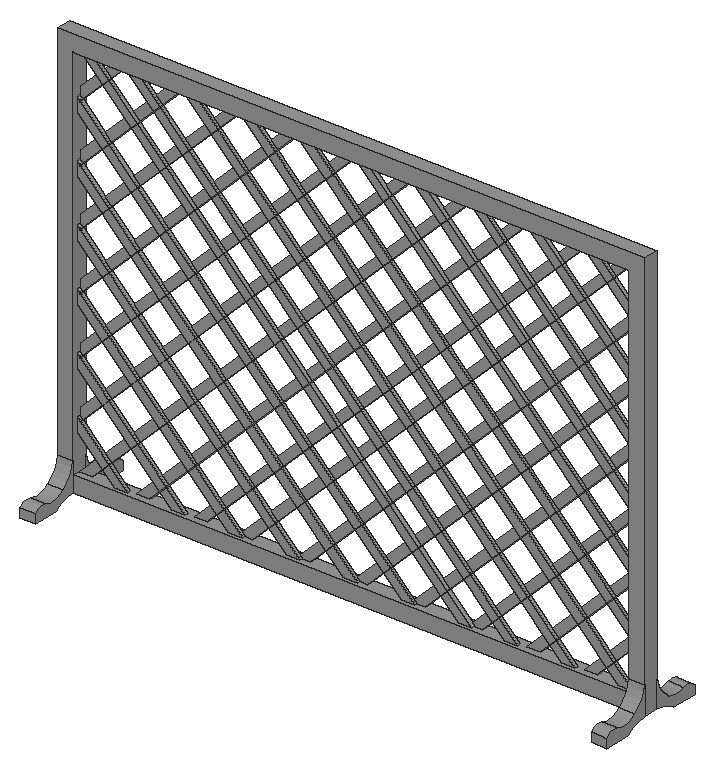
Revit family "Шпалера «Лаватера» Арт 19538", category Антураж, Revit 2018
Family settings
  На основе рабочей плоскости = Нет
  Всегда вертикально = Да
  При загрузке вырезать с полостями = Нет
  Источник визуального образа = Геометрия семейства
  Общий = Нет
  Точка расчета площади = Нет
Parameters (values of type "Шпалера «Лаватера». Версия 1880x1340 мм (без покраски)")
  Ширина = 50 mm  # constant formula
  Цвет каркаса = Дерево
  С покраской = not(Без покраски)  # no
  Описание = if(Без покраски, "Шпалера «Лаватера». Версия 1880x1340 мм (без покраски)", "Шпалера «Лаватера». Версия 1880x1340 мм (с покраской)")  # "Шпалера «Лаватера». Версия 1880x1340 мм (без покраски)"
  Материал изделия = "Дерево"  # constant formula
  Изображение типоразмера = Шпалера «Лаватера» Арт 19538.jpg
  Manufacturer = "https://hobbyka.ru/product/shpalera_odinarnaya_lavatera/"  # constant formula
  Длина = 1880 mm  # constant formula
  Группа модели = "Перголы и шпалеры"  # constant formula
  Высота = 1340 mm  # constant formula
  Без покраски = yes
  Артикул товара = "Арт. 19538"  # constant formula
  URL = "https://hobbyka.ru/product/shpalera_odinarnaya_lavatera/"
Types (3, lengths in mm): name | Цвет каркаса | С покраской | Описание | Без покраски
  (no name) | Дерево | no | "Шпалера «Лаватера». Версия 1880x1340 мм (без покраски)" | yes
  Шпалера «Лаватера». Версия 1880x1340 мм (без покраски) | Дерево | no | "Шпалера «Лаватера». Версия 1880x1340 мм (без покраски)" | yes
  Шпалера «Лаватера». Версия 1880x1340 мм (с покраской) | Покраска | yes | "Шпалера «Лаватера». Версия 1880x1340 мм (с покраской)" | no
Reference planes
  plane 1 "По центру (Вперед/Назад)": y = 0
  plane 2: z = 0
  plane 3 "По центру (Влево/Вправо)": x = 0
  plane 4: x = 1880
  plane 5: y = 50
  plane 6: z = 1340
Forms (mm)
  Extrusion 1, solid, material "Дерево" <- "Цвет каркаса"
    sketch origin (0, 0, 0) x (1, 0, 0) y (0, 0, 1)
      loop
        line (1880, 1340) -> (0, 1340) -> (0, 25) -> (1880, 25) -> (1880, 1340)
      loop
        line (1830, 1290) -> (50, 1290) -> (50, 75) -> (1830, 75) -> (1830, 1290)
    from 0 to -50
  Extrusion 2, solid, material "Дерево" <- "Цвет каркаса"
    sketch origin (0, 0, 0) x (0, 1, 0) y (0, 0, 1)
      loop
        line (118.675, -0.027) -> (199.881, -0.027) -> (199.881, 28.542)
        arc (199.881, 28.542) -> (180.923, 40.519) -> (158.535, 39.246) r 36.74
        arc (158.535, 39.246) -> (122.295, 35.127) -> (88.544, 48.956) r 73.421
        arc (88.544, 48.956) -> (62.149, 78.773) -> (50, 116.696) r 96.752
        line (50, 116.696) -> (50, 24.965)
        arc (50, 24.965) -> (86.226, 17.659) -> (118.675, -0.027) r 123.627
      loop
        arc (-68.675, -0.027) -> (-36.226, 17.659) -> (0, 24.965) r 123.627
        line (0, 24.965) -> (0, 116.696)
        arc (0, 116.696) -> (-12.149, 78.773) -> (-38.544, 48.956) r 96.752
        arc (-38.544, 48.956) -> (-72.295, 35.127) -> (-108.535, 39.246) r 73.421
        arc (-108.535, 39.246) -> (-130.923, 40.519) -> (-149.881, 28.542) r 36.74
        line (-149.881, 28.542) -> (-149.881, -0.027) -> (-68.675, -0.027)
    from 0 to 50
  Extrusion 3, solid, material "Дерево" <- "Цвет каркаса"
    sketch origin (0, 0, 0) x (0, 1, 0) y (0, 0, 1)
      loop
        line (118.675, -0.027) -> (199.881, -0.027) -> (199.881, 28.542)
        arc (199.881, 28.542) -> (180.923, 40.519) -> (158.535, 39.246) r 36.74
        arc (158.535, 39.246) -> (122.295, 35.127) -> (88.544, 48.956) r 73.421
        arc (88.544, 48.956) -> (62.149, 78.773) -> (50, 116.696) r 96.752
        line (50, 116.696) -> (50, 24.965)
        arc (50, 24.965) -> (86.226, 17.659) -> (118.675, -0.027) r 123.627
      loop
        arc (-68.675, -0.027) -> (-36.226, 17.659) -> (0, 24.965) r 123.627
        line (0, 24.965) -> (0, 116.696)
        arc (0, 116.696) -> (-12.149, 78.773) -> (-38.544, 48.956) r 96.752
        arc (-38.544, 48.956) -> (-72.295, 35.127) -> (-108.535, 39.246) r 73.421
        arc (-108.535, 39.246) -> (-130.923, 40.519) -> (-149.881, 28.542) r 36.74
        line (-149.881, 28.542) -> (-149.881, -0.027) -> (-68.675, -0.027)
    from 1830 to 1880
  Extrusion 4, solid, material "Дерево" <- "Цвет каркаса"
    sketch origin (0, 0, 0) x (1, 0, 0) y (0, 0, 1)
      loop
        line (50, 237.635) -> (50, 195.208) -> (170.208, 75) -> (212.635, 75) -> (50, 237.635)
      loop
        line (50, 421.482) -> (50, 379.056) -> (354.056, 75) -> (396.482, 75) -> (50, 421.482)
      loop
        line (50, 605.33) -> (50, 562.904) -> (537.904, 75) -> (580.33, 75) -> (50, 605.33)
      loop
        line (50, 789.178) -> (50, 746.751) -> (721.751, 75) -> (764.178, 75) -> (50, 789.178)
      loop
        line (50, 973.026) -> (50, 930.599) -> (905.599, 75) -> (948.026, 75) -> (50, 973.026)
      loop
        line (50, 1156.873) -> (50, 1114.447) -> (1089.447, 75) -> (1131.873, 75) -> (50, 1156.873)
      loop
        line (100.721, 1290) -> (58.295, 1290) -> (1273.295, 75) -> (1315.721, 75) -> (100.721, 1290)
      loop
        line (246.385, 1290) -> (203.959, 1290) -> (1418.959, 75) -> (1461.385, 75) -> (246.385, 1290)
      loop
        line (430.233, 1290) -> (387.806, 1290) -> (1602.806, 75) -> (1645.233, 75) -> (430.233, 1290)
      loop
        line (614.081, 1290) -> (571.654, 1290) -> (1786.654, 75) -> (1829.081, 75) -> (614.081, 1290)
      loop
        line (797.928, 1290) -> (755.502, 1290) -> (1830, 215.502) -> (1830, 257.928) -> (797.928, 1290)
      loop
        line (981.776, 1290) -> (939.35, 1290) -> (1830, 399.35) -> (1830, 441.776) -> (981.776, 1290)
      loop
        line (1165.624, 1290) -> (1123.198, 1290) -> (1830, 583.198) -> (1830, 625.624) -> (1165.624, 1290)
      loop
        line (1349.472, 1290) -> (1307.045, 1290) -> (1830, 767.045) -> (1830, 809.472) -> (1349.472, 1290)
      loop
        line (1533.319, 1290) -> (1490.893, 1290) -> (1830, 950.893) -> (1830, 993.319) -> (1533.319, 1290)
      loop
        line (1717.167, 1290) -> (1674.741, 1290) -> (1830, 1134.741) -> (1830, 1177.167) -> (1717.167, 1290)
    from -25 to -15
  Extrusion 5, solid, material "Дерево" <- "Цвет каркаса"
    sketch origin (1880, 50, 0) x (-1, 0, 0) y (0, 0, 1)
      loop
        line (50, 237.635) -> (50, 195.208) -> (170.208, 75) -> (212.635, 75) -> (50, 237.635)
      loop
        line (50, 421.482) -> (50, 379.056) -> (354.056, 75) -> (396.482, 75) -> (50, 421.482)
      loop
        line (50, 605.33) -> (50, 562.904) -> (537.904, 75) -> (580.33, 75) -> (50, 605.33)
      loop
        line (50, 789.178) -> (50, 746.751) -> (721.751, 75) -> (764.178, 75) -> (50, 789.178)
      loop
        line (50, 973.026) -> (50, 930.599) -> (905.599, 75) -> (948.026, 75) -> (50, 973.026)
      loop
        line (50, 1156.873) -> (50, 1114.447) -> (1089.447, 75) -> (1131.873, 75) -> (50, 1156.873)
      loop
        line (100.721, 1290) -> (58.295, 1290) -> (1273.295, 75) -> (1315.721, 75) -> (100.721, 1290)
      loop
        line (246.385, 1290) -> (203.959, 1290) -> (1418.959, 75) -> (1461.385, 75) -> (246.385, 1290)
      loop
        line (430.233, 1290) -> (387.806, 1290) -> (1602.806, 75) -> (1645.233, 75) -> (430.233, 1290)
      loop
        line (614.081, 1290) -> (571.654, 1290) -> (1786.654, 75) -> (1829.081, 75) -> (614.081, 1290)
      loop
        line (797.928, 1290) -> (755.502, 1290) -> (1830, 215.502) -> (1830, 257.928) -> (797.928, 1290)
      loop
        line (981.776, 1290) -> (939.35, 1290) -> (1830, 399.35) -> (1830, 441.776) -> (981.776, 1290)
      loop
        line (1165.624, 1290) -> (1123.198, 1290) -> (1830, 583.198) -> (1830, 625.624) -> (1165.624, 1290)
      loop
        line (1349.472, 1290) -> (1307.045, 1290) -> (1830, 767.045) -> (1830, 809.472) -> (1349.472, 1290)
      loop
        line (1533.319, 1290) -> (1490.893, 1290) -> (1830, 950.893) -> (1830, 993.319) -> (1533.319, 1290)
      loop
        line (1717.167, 1290) -> (1674.741, 1290) -> (1830, 1134.741) -> (1830, 1177.167) -> (1717.167, 1290)
    from -25 to -15
Lines and regions (mm)
  symbolic lines
    curve 1: line (120.711, 0, 308.345) -> (191.421, 0, 237.635)
    curve 2: line (50, 0, 237.635) -> (120.711, 0, 308.345)
    curve 3: line (120.711, 0, 166.924) -> (50, 0, 237.635)
    curve 4: line (191.421, 0, 237.635) -> (120.711, 0, 166.924)
    curve 5: line (212.635, 0, 216.421) -> (283.345, 0, 145.711)
    curve 6: line (141.924, 0, 145.711) -> (212.635, 0, 216.421)
    curve 7: line (212.635, 0, 75) -> (141.924, 0, 145.711)
    curve 8: line (283.345, 0, 145.711) -> (212.635, 0, 75)
    curve 9: line (0, 0, 1600) -> (1880, 0, 1600)
    curve 10: line (940, 0, 1600) -> (940, 0, 1720)
Dimensions and locks
  "Ширина": plane 5 to plane 1 "По центру (Вперед/Назад)"
  "Длина": plane 3 "По центру (Влево/Вправо)" to plane 4
  "Высота": plane 6 to plane 2
  aligned and locked: level to plane 2
Automatic sketch dimensions
  curve 9 to plane 3 "По центру (Влево/Вправо)" = 0 mm
  curve 9 to plane 4 = 0 mm
  plane 3 "По центру (Влево/Вправо)" to curve 2 = 50 mm
  curve 2 to curve 3 = 70.711 mm
  curve 2 to curve 2 = 70.711 mm
  curve 3 to curve 7 = 21.213 mm
  level to curve 7 = 75 mm
  curve 6 to curve 7 = 70.711 mm
  curve 1 to curve 6 = 21.213 mm
  curve 7 to curve 7 = 70.711 mm
  curve 6 to curve 4 = 21.213 mm
  curve 3 to curve 1 = 70.711 mm
  plane 6 to curve 10 = 260 mm
  plane 3 "По центру (Влево/Вправо)" to curve 10 = 940 mm
  curve 10 to curve 10 = 120 mm
  Extrusion 1 sketch curve to plane 3 "По центру (Влево/Вправо)" = 0 mm
  Extrusion 1 sketch curve to plane 4 = 0 mm
  Extrusion 1 sketch curve to plane 6 = 0 mm
  plane 3 "По центру (Влево/Вправо)" to Extrusion 1 sketch curve = 50 mm
  Extrusion 1 sketch curve to plane 4 = 50 mm
  Extrusion 1 sketch curve to plane 6 = 50 mm
  level to Extrusion 1 sketch curve = 75 mm
  level to Extrusion 1 sketch curve = 25 mm
  Extrusion 2 sketch curve to plane 1 "По центру (Вперед/Назад)" = 0 mm
  Extrusion 2 sketch curve to plane 5 = 0 mm
  Extrusion 2 sketch curve to level = 0.027 mm  (x2)
  plane 1 "По центру (Вперед/Назад)" to Extrusion 2 sketch curve = 68.675 mm
  plane 1 "По центру (Вперед/Назад)" to Extrusion 2 sketch curve = 82.383 mm
  Extrusion 2 sketch curve to Extrusion 2 sketch curve = 13.858 mm  (x2)
  level to Extrusion 2 sketch curve = 4.951 mm  (x2)
  Extrusion 2 sketch curve to Extrusion 2 sketch curve = 53.04 mm  (x2)
  Extrusion 2 sketch curve to Extrusion 2 sketch curve = 28.166 mm  (x2)
  Extrusion 2 sketch curve to plane 1 "По центру (Вперед/Назад)" = 6.052 mm
  Extrusion 2 sketch curve to plane 5 = 6.052 mm
  plane 5 to Extrusion 2 sketch curve = 68.675 mm
  plane 5 to Extrusion 2 sketch curve = 82.383 mm
  Extrusion 2 sketch curve to level = 98.514 mm
  Extrusion 2 sketch curve to Extrusion 2 sketch curve = 0 mm  (x2)
  level to Extrusion 2 sketch curve = 28.542 mm  (x2)
  Extrusion 2 sketch curve to Extrusion 2 sketch curve = 79.31 mm  (x2)
  Extrusion 2 sketch curve to Extrusion 2 sketch curve = 8.844 mm
  Extrusion 2 sketch curve to Extrusion 2 sketch curve = 18.769 mm  (x2)
  plane 1 "По центру (Вперед/Назад)" to Extrusion 2 sketch curve = 38.544 mm
  plane 5 to Extrusion 2 sketch curve = 38.544 mm
  Extrusion 3 sketch curve to plane 1 "По центру (Вперед/Назад)" = 0 mm
  Extrusion 3 sketch curve to plane 5 = 0 mm
  Extrusion 3 sketch curve to level = 0.027 mm  (x2)
  plane 1 "По центру (Вперед/Назад)" to Extrusion 3 sketch curve = 68.675 mm
  plane 1 "По центру (Вперед/Назад)" to Extrusion 3 sketch curve = 82.383 mm
  Extrusion 3 sketch curve to Extrusion 3 sketch curve = 13.858 mm  (x2)
  level to Extrusion 3 sketch curve = 4.951 mm  (x2)
  Extrusion 3 sketch curve to Extrusion 3 sketch curve = 53.04 mm  (x2)
  Extrusion 3 sketch curve to Extrusion 3 sketch curve = 28.166 mm  (x2)
  Extrusion 3 sketch curve to plane 1 "По центру (Вперед/Назад)" = 6.052 mm
  Extrusion 3 sketch curve to plane 5 = 6.052 mm
  plane 5 to Extrusion 3 sketch curve = 68.675 mm
  plane 5 to Extrusion 3 sketch curve = 82.383 mm
  Extrusion 3 sketch curve to level = 98.514 mm
  Extrusion 3 sketch curve to Extrusion 3 sketch curve = 0 mm  (x2)
  level to Extrusion 3 sketch curve = 28.542 mm  (x2)
  Extrusion 3 sketch curve to Extrusion 3 sketch curve = 79.31 mm  (x2)
  Extrusion 3 sketch curve to Extrusion 3 sketch curve = 8.844 mm
  Extrusion 3 sketch curve to Extrusion 3 sketch curve = 18.769 mm  (x2)
  plane 1 "По центру (Вперед/Назад)" to Extrusion 3 sketch curve = 38.544 mm
  plane 5 to Extrusion 3 sketch curve = 38.544 mm
  plane 3 "По центру (Влево/Вправо)" to Extrusion 4 sketch curve = 50 mm  (x6)
  plane 3 "По центру (Влево/Вправо)" to Extrusion 4 sketch curve = 58.295 mm
  Extrusion 4 sketch curve to Extrusion 4 sketch curve = 42.426 mm  (x32)
  level to Extrusion 4 sketch curve = 75 mm  (x10)
  Extrusion 4 sketch curve to Extrusion 4 sketch curve = 120.208 mm  (x2)
  Extrusion 4 sketch curve to plane 6 = 50 mm  (x10)
  Extrusion 4 sketch curve to Extrusion 4 sketch curve = 103.238 mm  (x2)
  Extrusion 4 sketch curve to Extrusion 4 sketch curve = 141.421 mm  (x25)
  Extrusion 4 sketch curve to plane 4 = 93.346 mm
  Extrusion 4 sketch curve to plane 4 = 50 mm  (x6)
  Extrusion 4 sketch curve to Extrusion 4 sketch curve = 140.502 mm
  Extrusion 5 sketch curve to plane 4 = 50 mm  (x6)
  Extrusion 5 sketch curve to plane 4 = 58.295 mm
  Extrusion 5 sketch curve to Extrusion 5 sketch curve = 42.426 mm  (x32)
  level to Extrusion 5 sketch curve = 75 mm  (x10)
  Extrusion 5 sketch curve to Extrusion 5 sketch curve = 120.208 mm  (x2)
  Extrusion 5 sketch curve to plane 6 = 50 mm  (x10)
  Extrusion 5 sketch curve to Extrusion 5 sketch curve = 103.238 mm  (x2)
  Extrusion 5 sketch curve to Extrusion 5 sketch curve = 141.421 mm  (x24)
  plane 3 "По центру (Влево/Вправо)" to Extrusion 5 sketch curve = 93.346 mm
  plane 3 "По центру (Влево/Вправо)" to Extrusion 5 sketch curve = 50 mm  (x6)
  Extrusion 5 sketch curve to Extrusion 5 sketch curve = 140.502 mm
  Extrusion 5 sketch curve to plane 6 = 225.553 mm
